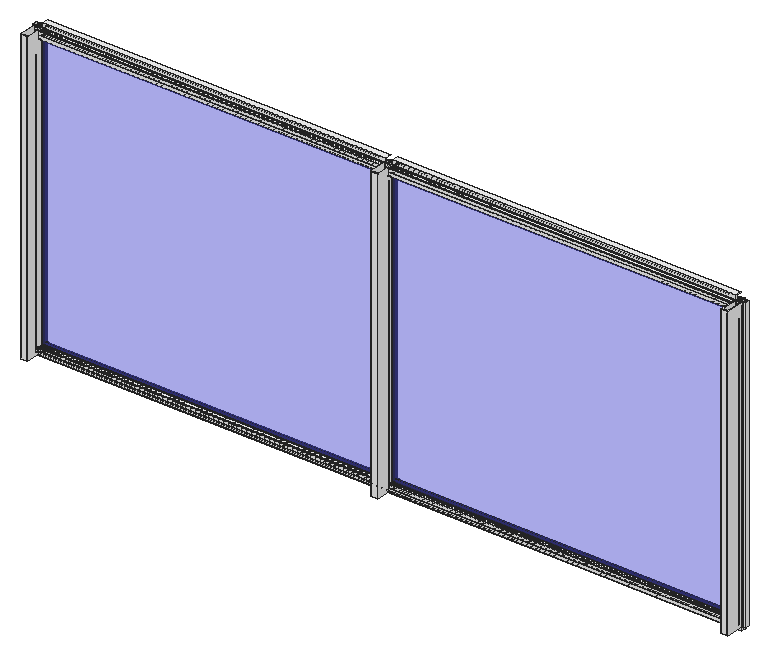
Revit family "Facade_60_Curtain_Wall_E21_Standard", category Windows, host Wall, Revit 2014 (continued)
Definition of nested family "F60 Vertical Profile Side_E21_Std"
  Automatic sketch dimensions
    Extrusion 9 sketch curve to Extrusion 9 sketch curve = 0.002 mm
    Extrusion 9 sketch curve to Extrusion 9 sketch curve = 0.004 mm
    Extrusion 9 sketch curve to Extrusion 9 sketch curve = 0.708 mm
    Extrusion 9 sketch curve to plane 1 "Center (Front/Back)" = 1.946 mm
    Extrusion 9 sketch curve to Extrusion 9 sketch curve = 0.899 mm
    Extrusion 9 sketch curve to Extrusion 9 sketch curve = 0.444 mm
    Extrusion 9 sketch curve to Extrusion 9 sketch curve = 3.038 mm
    Extrusion 9 sketch curve to plane 1 "Center (Front/Back)" = 0.385 mm  (x2)
    Extrusion 9 sketch curve to Extrusion 9 sketch curve = 0.756 mm
    Extrusion 9 sketch curve to Extrusion 9 sketch curve = 2.153 mm
    Extrusion 9 sketch curve to Extrusion 9 sketch curve = 0.631 mm
    Extrusion 9 sketch curve to Extrusion 9 sketch curve = 0.807 mm
    Extrusion 9 sketch curve to Extrusion 9 sketch curve = 1.646 mm
    Extrusion 9 sketch curve to Extrusion 9 sketch curve = 0.707 mm
    Extrusion 9 sketch curve to Extrusion 9 sketch curve = 1.393 mm
    Extrusion 9 sketch curve to Extrusion 9 sketch curve = 1.923 mm
    Extrusion 9 sketch curve to Extrusion 9 sketch curve = 11.937 mm
    Extrusion 9 sketch curve to Extrusion 9 sketch curve = 1.6 mm
    Extrusion 9 sketch curve to Extrusion 9 sketch curve = 0.9 mm  (x2)
    Extrusion 9 sketch curve to Extrusion 9 sketch curve = 1.356 mm  (x2)
    Extrusion 9 sketch curve to Extrusion 9 sketch curve = 0.714 mm
    Extrusion 9 sketch curve to Extrusion 9 sketch curve = 0.02 mm
    Extrusion 9 sketch curve to Extrusion 9 sketch curve = 0.399 mm
    Extrusion 9 sketch curve to Extrusion 9 sketch curve = 2.224 mm
    Extrusion 9 sketch curve to Extrusion 9 sketch curve = 0.448 mm
    Extrusion 9 sketch curve to plane 1 "Center (Front/Back)" = 0.198 mm
    Extrusion 9 sketch curve to plane 1 "Center (Front/Back)" = 0.201 mm
    Extrusion 9 sketch curve to Extrusion 9 sketch curve = 0.032 mm
    Extrusion 9 sketch curve to Extrusion 9 sketch curve = 0 mm
    plane 3 "Center (Left/Right)" to Extrusion 10 sketch curve = 1.014 mm
    Extrusion 10 sketch curve to Extrusion 10 sketch curve = 0.469 mm  (x2)
    plane 3 "Center (Left/Right)" to Extrusion 10 sketch curve = 1.706 mm
    Extrusion 10 sketch curve to Extrusion 10 sketch curve = 1.079 mm
    Extrusion 10 sketch curve to Extrusion 10 sketch curve = 0.864 mm
    Extrusion 10 sketch curve to Extrusion 10 sketch curve = 1.15 mm  (x4)
    Extrusion 10 sketch curve to Extrusion 10 sketch curve = 3.2 mm  (x2)
    Extrusion 10 sketch curve to Extrusion 10 sketch curve = 3.031 mm  (x2)
    Extrusion 10 sketch curve to Extrusion 10 sketch curve = 0.6 mm  (x3)
    Extrusion 10 sketch curve to Extrusion 10 sketch curve = 15.584 mm  (x2)
    Extrusion 10 sketch curve to Extrusion 10 sketch curve = 0.808 mm  (x2)
    Extrusion 10 sketch curve to Extrusion 10 sketch curve = 3.038 mm
    Extrusion 10 sketch curve to Extrusion 10 sketch curve = 0.865 mm
    Extrusion 10 sketch curve to Extrusion 10 sketch curve = 1.25 mm  (x5)
    Extrusion 10 sketch curve to Extrusion 10 sketch curve = 0.61 mm
    plane 1 "Center (Front/Back)" to Extrusion 10 sketch curve = 31.288 mm
    Extrusion 10 sketch curve to Extrusion 10 sketch curve = 0.362 mm
    plane 1 "Center (Front/Back)" to Extrusion 10 sketch curve = 31.65 mm
    Extrusion 10 sketch curve to Extrusion 10 sketch curve = 0.962 mm
    Extrusion 10 sketch curve to Extrusion 10 sketch curve = 0.85 mm
    Extrusion 10 sketch curve to Extrusion 10 sketch curve = 0.512 mm  (x2)
    Extrusion 10 sketch curve to Extrusion 10 sketch curve = 0.4 mm  (x2)
    Extrusion 10 sketch curve to Extrusion 10 sketch curve = 1 mm
    Extrusion 10 sketch curve to Extrusion 10 sketch curve = 2.8 mm
    Extrusion 10 sketch curve to Extrusion 10 sketch curve = 0 mm  (x2)
    Extrusion 10 sketch curve to Extrusion 10 sketch curve = 1.4 mm
    Extrusion 10 sketch curve to Extrusion 10 sketch curve = 0.539 mm  (x2)
    plane 1 "Center (Front/Back)" to Extrusion 10 sketch curve = 28.864 mm
    Extrusion 11 sketch curve to plane 3 "Center (Left/Right)" = 0 mm
    plane 3 "Center (Left/Right)" to Extrusion 11 sketch curve = 0.65 mm
    Extrusion 11 sketch curve to Extrusion 11 sketch curve = 0.128 mm  (x2)
    plane 3 "Center (Left/Right)" to Extrusion 11 sketch curve = 1.014 mm
    plane 3 "Center (Left/Right)" to Extrusion 11 sketch curve = 1.05 mm
    Extrusion 11 sketch curve to Extrusion 11 sketch curve = 0.469 mm  (x2)
    Extrusion 11 sketch curve to Extrusion 11 sketch curve = 1.079 mm
    Extrusion 11 sketch curve to Extrusion 11 sketch curve = 1.317 mm  (x2)
    Extrusion 11 sketch curve to Extrusion 11 sketch curve = 0 mm  (x3)
    plane 3 "Center (Left/Right)" to Extrusion 11 sketch curve = 3.85 mm
    Extrusion 11 sketch curve to Extrusion 11 sketch curve = 0.15 mm  (x2)
    Extrusion 11 sketch curve to Extrusion 11 sketch curve = 26 mm  (x2)
    Extrusion 11 sketch curve to Extrusion 11 sketch curve = 1.05 mm
    Extrusion 11 sketch curve to Extrusion 11 sketch curve = 0.707 mm
    Extrusion 11 sketch curve to Extrusion 11 sketch curve = 0.433 mm
    plane 1 "Center (Front/Back)" to Extrusion 11 sketch curve = 31.288 mm
    plane 1 "Center (Front/Back)" to Extrusion 11 sketch curve = 28.065 mm
    Extrusion 11 sketch curve to Extrusion 11 sketch curve = 1.314 mm
    Extrusion 11 sketch curve to Extrusion 11 sketch curve = 0.65 mm
    Extrusion 11 sketch curve to Extrusion 11 sketch curve = 0.5 mm  (x2)
    plane 1 "Center (Front/Back)" to Extrusion 11 sketch curve = 32.75 mm
    Extrusion 11 sketch curve to Extrusion 11 sketch curve = 0.1 mm  (x3)
    Extrusion 11 sketch curve to Extrusion 11 sketch curve = 1.1 mm  (x2)
    Extrusion 11 sketch curve to Extrusion 11 sketch curve = 8.608 mm
    Extrusion 11 sketch curve to Extrusion 11 sketch curve = 0.962 mm
    Extrusion 12 sketch curve to plane 3 "Center (Left/Right)" = 21.349 mm
    Extrusion 12 sketch curve to Extrusion 12 sketch curve = 6.35 mm
    plane 3 "Center (Left/Right)" to Extrusion 12 sketch curve = 10.403 mm
    plane 1 "Center (Front/Back)" to Extrusion 12 sketch curve = 35.567 mm
    plane 1 "Center (Front/Back)" to Extrusion 12 sketch curve = 10.171 mm
    plane 1 "Center (Front/Back)" to Extrusion 12 sketch curve = 3.821 mm
    Extrusion 13 sketch curve to plane 3 "Center (Left/Right)" = 21.35 mm
    Extrusion 13 sketch curve to Extrusion 13 sketch curve = 6.35 mm
    plane 3 "Center (Left/Right)" to Extrusion 13 sketch curve = 10.402 mm
    plane 1 "Center (Front/Back)" to Extrusion 13 sketch curve = 33.172 mm
    plane 1 "Center (Front/Back)" to Extrusion 13 sketch curve = 7.775 mm
    plane 1 "Center (Front/Back)" to Extrusion 13 sketch curve = 1.425 mm
    Extrusion 14 sketch curve to plane 3 "Center (Left/Right)" = 0 mm
    plane 3 "Center (Left/Right)" to Extrusion 14 sketch curve = 1.2 mm
    Extrusion 14 sketch curve to Extrusion 14 sketch curve = 9.6 mm
    Extrusion 14 sketch curve to Extrusion 14 sketch curve = 1.2 mm  (x3)
    plane 1 "Center (Front/Back)" to Extrusion 14 sketch curve = 25.775 mm
    plane 1 "Center (Front/Back)" to Extrusion 14 sketch curve = 8.975 mm
    curve 4 to Extrusion 6 = 0 mm
    curve 3 to Extrusion 6 = 0 mm
    curve 1 to Extrusion 6 = 0 mm
    curve 4 to Extrusion 6 = 3.6 mm
    curve 3 to Extrusion 6 = 3.6 mm
    curve 1 to Extrusion 6 = 3.6 mm
    Extrusion 6 to curve 2 = 1 mm
    Extrusion 6 to curve 5 = 1 mm
    Extrusion 6 to curve 6 = 1 mm
    curve 6 to Extrusion 6 = 1 mm
    curve 5 to Extrusion 6 = 1 mm
    curve 2 to Extrusion 6 = 1 mm
    curve 9 to Extrusion 6 = 0 mm
    curve 8 to Extrusion 6 = 0 mm
    curve 7 to Extrusion 6 = 0 mm
    Extrusion 6 to curve 8 = 3.6 mm
    Extrusion 6 to curve 9 = 3.6 mm
    Extrusion 6 to curve 7 = 3.6 mm
    curve 12 to Extrusion 5 = 25.894 mm
    curve 11 to Extrusion 5 = 25.894 mm
    curve 10 to Extrusion 5 = 25.894 mm
    curve 10 to Extrusion 5 = 0.108 mm
    Extrusion 5 to curve 12 = 0.703 mm
    Extrusion 5 to curve 11 = 0.703 mm
    curve 13 to Extrusion 5 = 4 mm
    curve 14 to Extrusion 5 = 4 mm
    curve 15 to Extrusion 5 = 4 mm
    Extrusion 5 to curve 15 = 0.702 mm
    Extrusion 5 to curve 14 = 0.702 mm
    Extrusion 5 to curve 13 = 0.702 mm
    curve 18 to Extrusion 7 = 0 mm
    curve 17 to Extrusion 7 = 0 mm
    curve 16 to Extrusion 7 = 0 mm
    Extrusion 7 to curve 17 = 3.6 mm
    Extrusion 7 to curve 18 = 3.6 mm
    Extrusion 7 to curve 16 = 3.6 mm
    Extrusion 7 to curve 21 = 1 mm  (x2)
    Extrusion 7 to curve 20 = 1 mm  (x2)
    Extrusion 7 to curve 19 = 1 mm  (x2)
    curve 24 to Extrusion 7 = 0 mm
    curve 23 to Extrusion 7 = 0 mm
    curve 22 to Extrusion 7 = 0 mm
    curve 24 to Extrusion 7 = 3.6 mm
    curve 23 to Extrusion 7 = 3.6 mm
    curve 22 to Extrusion 7 = 3.6 mm
    curve 27 to Extrusion 8 = 0 mm
    curve 26 to Extrusion 8 = 0 mm
    curve 25 to Extrusion 8 = 0 mm
    Extrusion 8 to curve 26 = 3.6 mm
    Extrusion 8 to curve 27 = 3.6 mm
    Extrusion 8 to curve 25 = 3.6 mm
    Extrusion 8 to curve 30 = 0.221 mm
    Extrusion 8 to curve 29 = 0.221 mm
    Extrusion 8 to curve 28 = 0.221 mm
    curve 29 to Extrusion 8 = 0.222 mm
    curve 30 to Extrusion 8 = 0.222 mm
    curve 28 to Extrusion 8 = 0.222 mm
    curve 33 to Extrusion 8 = 0 mm
    curve 32 to Extrusion 8 = 0 mm
    curve 31 to Extrusion 8 = 0 mm
    curve 33 to Extrusion 8 = 3.6 mm
    curve 32 to Extrusion 8 = 3.6 mm
    curve 31 to Extrusion 8 = 3.6 mm
    curve 34 to Extrusion 11 = 4.016 mm
    curve 35 to Extrusion 11 = 4.016 mm
    curve 36 to Extrusion 11 = 3.97 mm
    Extrusion 11 to curve 36 = 0.637 mm
    Extrusion 11 to curve 35 = 0.637 mm
    Extrusion 11 to curve 34 = 0.637 mm
    curve 37 to Extrusion 11 = 29.221 mm
    curve 38 to Extrusion 11 = 29.221 mm
    curve 39 to Extrusion 11 = 29.221 mm
    Extrusion 11 to curve 39 = 3.222 mm
    Extrusion 11 to curve 38 = 3.222 mm
    Extrusion 11 to curve 37 = 3.222 mm
Definition of nested family "F60 Horizontal Profile Top_E21_Std"
  Parameters (values of type "F60 Horizontal Profile Top")
    Thermal Break Material [instance] = none
    Single Glazing [instance] = yes
    Profile Material [instance] = none
    Length [instance] = 250 mm
    Double Glazing [instance] = yes
  Reference planes
    plane 1 "Center (Front/Back)": y = 0
    plane 2: z = 0
    plane 3 "Center (Left/Right)": x = 0
  Forms (mm)
    Extrusion 1, solid, material <- "Profile Material"
      sketch origin (0, 0, 0) x (0, 1, 0) y (0, 0, 1)
        loop
          line (-9.94, 7.845) -> (-8.37, 6.275) -> (-1.2, 10.415) -> (-1.2, 1.2) -> (-5, 1.2) -> (-5, 0) -> (-1, 0)
          arc (-1, 0) -> (-0.293, 0.293) -> (0, 1) r 1
          line (0, 1) -> (0, 30) -> (0, 59)
          arc (0, 59) -> (-0.293, 59.707) -> (-1, 60) r 1
          line (-1, 60) -> (-5, 60) -> (-5, 58.8) -> (-1.2, 58.8) -> (-1.2, 49.585) -> (-8.37, 53.725) -> (-9.94, 52.155)
          arc (-9.94, 52.155) -> (-9.902, 51.269) -> (-9.016, 51.232) r 0.655
          line (-9.016, 51.232) -> (-8.077, 52.17) -> (-1.2, 48.2) -> (-1.2, 30) -> (-1.2, 11.8) -> (-8.077, 7.83) -> (-9.016, 8.768)
          arc (-9.016, 8.768) -> (-9.902, 8.731) -> (-9.94, 7.845) r 0.655
      from 0 to 250 <- "Length"
    Extrusion 2, solid, material <- "Profile Material"
      sketch origin (0, 0, 0) x (0, 1, 0) y (0, 0, 1)
        loop
          line (-5, 60) -> (-44.6, 60) -> (-44.6, 58.35) -> (-39.944, 58.35) -> (-39.944, 1.65) -> (-44.6, 1.65) -> (-44.6, 0) -> (-5, 0) -> (-5, 2.2) -> (-4.2, 2.2) -> (-4.2, 3.018)
          arc (-4.2, 3.018) -> (-4.352, 3.783) -> (-4.786, 4.432) r 2
          line (-4.786, 4.432) -> (-7.054, 6.7) -> (-8, 6.489) -> (-8, 5.7) -> (-7.205, 5.7) -> (-7.205, 2.95) -> (-8, 2.95) -> (-8, 1.95) -> (-12.752, 1.95) -> (-12.752, 6.7) -> (-14.152, 6.7) -> (-14.152, 1.65) -> (-38.65, 1.65) -> (-38.65, 8.33) -> (-37.097, 8.33) -> (-34.666, 6.973)
          arc (-34.666, 6.973) -> (-33.846, 7.192) -> (-34.066, 8.012) r 0.6
          line (-34.066, 8.012) -> (-37.128, 9.78) -> (-38.65, 9.78) -> (-38.65, 12.65) -> (-37.6, 13.7) -> (-37.6, 20.3) -> (-38.65, 21.35) -> (-38.65, 38.65) -> (-37.6, 39.7) -> (-37.6, 46.3) -> (-38.65, 47.35) -> (-38.65, 50.22) -> (-37.128, 50.22) -> (-34.066, 51.988)
          arc (-34.066, 51.988) -> (-33.846, 52.808) -> (-34.666, 53.027) r 0.6
          line (-34.666, 53.027) -> (-37.032, 51.661) -> (-38.65, 51.661) -> (-38.65, 58.35) -> (-14.152, 58.35) -> (-14.152, 53.3) -> (-12.752, 53.3) -> (-12.752, 58.05) -> (-8, 58.05) -> (-8, 57.05) -> (-7.205, 57.05) -> (-7.205, 54.3) -> (-8, 54.3) -> (-8, 53.511) -> (-7.054, 53.3) -> (-4.786, 55.568)
          arc (-4.786, 55.568) -> (-4.352, 56.217) -> (-4.2, 56.982) r 2
          line (-4.2, 56.982) -> (-4.2, 57.8) -> (-5, 57.8) -> (-5, 60)
      from 0 to 250 <- "Length"
    Extrusion 3, solid, material <- "Thermal Break Material"
      sketch origin (0, 0, 0) x (0, 1, 0) y (0, 0, 1)
        loop
          line (-40, 1.75) -> (-40, 30) -> (-40, 58.25) -> (-44.6, 58.25) -> (-44.6, 60) -> (-45.9, 60) -> (-45.9, 53.65) -> (-41.788, 53.65)
          arc (-41.788, 53.65) -> (-41.363, 53.474) -> (-41.187, 53.05) r 0.6
          line (-41.187, 53.05) -> (-41.187, 30) -> (-41.187, 6.95)
          arc (-41.187, 6.95) -> (-41.363, 6.526) -> (-41.788, 6.35) r 0.6
          line (-41.788, 6.35) -> (-45.9, 6.35) -> (-45.9, 0) -> (-44.6, 0) -> (-44.6, 1.75) -> (-40, 1.75)
      from 0 to 250 <- "Length"
    Extrusion 4, solid, material <- "Profile Material"
      sketch origin (0, 0, 0) x (0, 1, 0) y (0, 0, 1)
        loop
          line (-58.5, 25.249) -> (-43.6, 25.249)
          arc (-43.6, 25.249) -> (-43.034, 25.015) -> (-42.8, 24.449) r 0.8
          line (-42.8, 24.449) -> (-42.8, 7.9) -> (-44.4, 7.9) -> (-44.4, 9.45) -> (-45.25, 9.45)
          arc (-45.25, 9.45) -> (-45.674, 9.274) -> (-45.85, 8.85) r 0.6
          line (-45.85, 8.85) -> (-45.85, 7.9) -> (-48.8, 7.9)
          arc (-48.8, 7.9) -> (-49.3, 8.4) -> (-49.8, 7.9) r 0.5
          line (-49.8, 7.9) -> (-49.8, 5.55) -> (-48.65, 5.55) -> (-48.65, 6.7) -> (-47.35, 6.7) -> (-47.35, 1.2) -> (-48.65, 1.2) -> (-48.65, 2.35) -> (-49.8, 2.35) -> (-49.8, 0.5)
          arc (-49.8, 0.5) -> (-49.654, 0.146) -> (-49.3, 0) r 0.5
          line (-49.3, 0) -> (-45.9, 0) -> (-45.9, 6.45) -> (-42.2, 6.45)
          arc (-42.2, 6.45) -> (-41.634, 6.684) -> (-41.4, 7.25) r 0.8
          line (-41.4, 7.25) -> (-41.4, 30) -> (-41.4, 52.75)
          arc (-41.4, 52.75) -> (-41.634, 53.316) -> (-42.2, 53.55) r 0.8
          line (-42.2, 53.55) -> (-45.9, 53.55) -> (-45.9, 60) -> (-49.3, 60)
          arc (-49.3, 60) -> (-49.654, 59.854) -> (-49.8, 59.5) r 0.5
          line (-49.8, 59.5) -> (-49.8, 57.65) -> (-48.65, 57.65) -> (-48.65, 58.8) -> (-47.35, 58.8) -> (-47.35, 53.3) -> (-48.65, 53.3) -> (-48.65, 54.45) -> (-49.8, 54.45) -> (-49.8, 52.1)
          arc (-49.8, 52.1) -> (-49.3, 51.6) -> (-48.8, 52.1) r 0.5
          line (-48.8, 52.1) -> (-45.85, 52.1) -> (-45.85, 51.15)
          arc (-45.85, 51.15) -> (-45.674, 50.726) -> (-45.25, 50.55) r 0.6
          line (-45.25, 50.55) -> (-44.4, 50.55) -> (-44.4, 52.1) -> (-42.8, 52.1) -> (-42.8, 35.551)
          arc (-42.8, 35.551) -> (-43.034, 34.985) -> (-43.6, 34.751) r 0.8
          line (-43.6, 34.751) -> (-58.5, 34.751)
          arc (-58.5, 34.751) -> (-59.066, 34.516) -> (-59.3, 33.951) r 0.8
          line (-59.3, 33.951) -> (-59.3, 32.902) -> (-42.8, 32.902) -> (-42.8, 27.1) -> (-59.3, 27.1) -> (-59.3, 26.049)
          arc (-59.3, 26.049) -> (-59.066, 25.484) -> (-58.5, 25.249) r 0.8
      from 0 to 250 <- "Length"
    Extrusion 5, solid, material <- "Thermal Break Material", visible <- "Single Glazing"
      sketch origin (0, 0, 0) x (0, 1, 0) y (0, 0, 1)
        loop
          arc (-63.8, 25.751) -> (-63.654, 25.397) -> (-63.3, 25.251) r 0.5
          line (-63.3, 25.251) -> (-59.8, 25.251)
          arc (-59.8, 25.251) -> (-59.446, 25.397) -> (-59.3, 25.751) r 0.5
          line (-59.3, 25.751) -> (-59.3, 27.648) -> (-49.599, 27.648) -> (-47.528, 28.651)
          arc (-47.528, 28.651) -> (-46.803, 30.001) -> (-47.528, 31.351) r 1.62
          line (-47.528, 31.351) -> (-49.599, 32.353) -> (-59.3, 32.353) -> (-59.3, 34.251)
          arc (-59.3, 34.251) -> (-59.446, 34.604) -> (-59.8, 34.751) r 0.5
          line (-59.8, 34.751) -> (-63.3, 34.751)
          arc (-63.3, 34.751) -> (-63.654, 34.604) -> (-63.8, 34.251) r 0.5
          line (-63.8, 34.251) -> (-63.8, 32.328) -> (-62.4, 31.52) -> (-62.4, 28.483) -> (-63.8, 27.673) -> (-63.8, 25.751)
        loop
          line (-59.794, 28.506) -> (-59.006, 29.294)
          arc (-59.006, 29.294) -> (-58.788, 29.618) -> (-58.713, 30.001) r 0.986
          arc (-58.713, 30.001) -> (-58.79, 30.384) -> (-59.008, 30.71) r 1.007
          line (-59.008, 30.71) -> (-59.794, 31.496) -> (-60.65, 31.496)
          arc (-60.65, 31.496) -> (-61.004, 31.349) -> (-61.15, 30.996) r 0.5
          line (-61.15, 30.996) -> (-61.15, 29.006)
          arc (-61.15, 29.006) -> (-61.004, 28.652) -> (-60.65, 28.506) r 0.5
          line (-60.65, 28.506) -> (-59.794, 28.506)
        loop
          line (-47.854, 30.898) -> (-49.415, 31.653) -> (-56.782, 31.653)
          arc (-56.782, 31.653) -> (-57.207, 31.417) -> (-57.23, 30.932) r 0.5
          arc (-57.23, 30.932) -> (-57.013, 30.001) -> (-57.23, 29.07) r 2.099
          arc (-57.23, 29.07) -> (-57.207, 28.584) -> (-56.782, 28.348) r 0.5
          line (-56.782, 28.348) -> (-49.415, 28.348) -> (-48.055, 29.007)
          arc (-48.055, 29.007) -> (-47.35, 29.888) -> (-47.854, 30.898) r 1.047
      from 0 to 250 <- "Length"
    Extrusion 6, solid, material <- "Profile Material", visible <- "Single Glazing"
      sketch origin (0, 0, 0) x (0, 1, 0) y (0, 0, 1)
        loop
          line (-63.8, 52.694) -> (-64.8, 52.694) -> (-64.8, 51.544) -> (-66.05, 51.544) -> (-66.05, 57.044) -> (-64.8, 57.044) -> (-64.8, 55.894) -> (-63.8, 55.894) -> (-63.8, 58.294)
          arc (-63.8, 58.294) -> (-64.082, 58.803) -> (-64.664, 58.835) r 0.6
          line (-64.664, 58.835) -> (-66.562, 57.91) -> (-67.088, 58.988) -> (-68.05, 58.519) -> (-68.05, 48.513)
          arc (-68.05, 48.513) -> (-67.874, 48.089) -> (-67.45, 47.913) r 0.6
          line (-67.45, 47.913) -> (-66.6, 47.913) -> (-66.6, 12.09) -> (-67.45, 12.09)
          arc (-67.45, 12.09) -> (-67.874, 11.914) -> (-68.05, 11.49) r 0.6
          line (-68.05, 11.49) -> (-68.05, 1.485) -> (-67.088, 1.016) -> (-66.562, 2.095) -> (-64.663, 1.169)
          arc (-64.663, 1.169) -> (-64.082, 1.2) -> (-63.8, 1.709) r 0.6
          line (-63.8, 1.709) -> (-63.8, 4.109) -> (-64.8, 4.109) -> (-64.8, 2.959) -> (-66.05, 2.959) -> (-66.05, 8.459) -> (-64.8, 8.459) -> (-64.8, 7.309) -> (-63.8, 7.309) -> (-63.8, 27.674) -> (-62.4, 28.483) -> (-62.4, 31.521) -> (-63.8, 32.329) -> (-63.8, 52.694)
      from 0 to 250 <- "Length"
    Extrusion 7, solid, material <- "Profile Material", visible <- "Single Glazing"
      sketch origin (0, 0, 0) x (0, 1, 0) y (0, 0, 1)
        loop
          line (-68.551, 3.3) -> (-76.559, 3.3) -> (-76.559, 30) -> (-76.559, 56.15)
          arc (-76.559, 56.15) -> (-75.739, 58.13) -> (-73.759, 58.95) r 2.8
          line (-73.759, 58.95) -> (-69.151, 58.95) -> (-69.151, 57.2)
          arc (-69.151, 57.2) -> (-68.987, 56.829) -> (-68.601, 56.703) r 0.5
          arc (-68.601, 56.703) -> (-68.216, 56.829) -> (-68.051, 57.2) r 0.5
          line (-68.051, 57.2) -> (-68.051, 58.517) -> (-67.089, 58.986) -> (-66.563, 57.907) -> (-63.866, 59.222)
          arc (-63.866, 59.222) -> (-64.001, 59.762) -> (-64.504, 60) r 0.65
          line (-64.504, 60) -> (-73.859, 60)
          arc (-73.859, 60) -> (-76.687, 58.828) -> (-77.859, 56) r 4
          line (-77.859, 56) -> (-77.859, 30) -> (-77.859, 2.493)
          arc (-77.859, 2.493) -> (-77.197, 0.799) -> (-75.562, 0.002) r 2.5
          arc (-75.562, 0.002) -> (-75.182, 0.132) -> (-75.021, 0.5) r 0.5
          line (-75.021, 0.5) -> (-75.021, 2) -> (-69.151, 2) -> (-69.151, 0.5)
          arc (-69.151, 0.5) -> (-69.005, 0.146) -> (-68.651, 0) r 0.5
          line (-68.651, 0) -> (-64.504, 0)
          arc (-64.504, 0) -> (-64.001, 0.238) -> (-63.866, 0.778) r 0.65
          line (-63.866, 0.778) -> (-66.563, 2.093) -> (-67.089, 1.014) -> (-68.051, 1.483) -> (-68.051, 2.8)
          arc (-68.051, 2.8) -> (-68.198, 3.154) -> (-68.551, 3.3) r 0.5
      from 0 to 250 <- "Length"
    Extrusion 8, solid, material <- "Thermal Break Material", visible <- "Double Glazing"
      sketch origin (0, 0, 0) x (0, 1, 0) y (0, 0, 1)
        loop
          line (-77.8, 27.673) -> (-77.8, 25.751)
          arc (-77.8, 25.751) -> (-77.654, 25.397) -> (-77.3, 25.251) r 0.5
          line (-77.3, 25.251) -> (-59.8, 25.251)
          arc (-59.8, 25.251) -> (-59.446, 25.397) -> (-59.3, 25.751) r 0.5
          line (-59.3, 25.751) -> (-59.3, 27.647) -> (-49.599, 27.647) -> (-47.528, 28.649)
          arc (-47.528, 28.649) -> (-46.803, 29.999) -> (-47.528, 31.349) r 1.62
          line (-47.528, 31.349) -> (-49.602, 32.353) -> (-59.3, 32.353) -> (-59.3, 34.251)
          arc (-59.3, 34.251) -> (-59.446, 34.604) -> (-59.8, 34.751) r 0.5
          line (-59.8, 34.751) -> (-77.3, 34.751)
          arc (-77.3, 34.751) -> (-77.654, 34.604) -> (-77.8, 34.251) r 0.5
          line (-77.8, 34.251) -> (-77.8, 32.327) -> (-76.4, 31.52) -> (-76.4, 28.482) -> (-77.8, 27.673)
        loop
          line (-59.006, 30.708) -> (-61.156, 32.858)
          arc (-61.156, 32.858) -> (-61.48, 33.074) -> (-61.863, 33.151) r 1
          line (-61.863, 33.151) -> (-73.8, 33.151)
          arc (-73.8, 33.151) -> (-74.507, 32.858) -> (-74.8, 32.151) r 1
          line (-74.8, 32.151) -> (-74.8, 27.851)
          arc (-74.8, 27.851) -> (-74.507, 27.144) -> (-73.8, 26.851) r 1
          line (-73.8, 26.851) -> (-61.863, 26.851)
          arc (-61.863, 26.851) -> (-61.48, 26.927) -> (-61.156, 27.144) r 1
          line (-61.156, 27.144) -> (-59.006, 29.294)
          arc (-59.006, 29.294) -> (-58.788, 29.618) -> (-58.713, 30.001) r 0.986
          arc (-58.713, 30.001) -> (-58.79, 30.383) -> (-59.006, 30.708) r 1.007
        loop
          line (-56.782, 28.347) -> (-49.415, 28.347) -> (-48.055, 29.005)
          arc (-48.055, 29.005) -> (-47.35, 29.887) -> (-47.854, 30.896) r 1.047
          line (-47.854, 30.896) -> (-49.415, 31.652) -> (-56.782, 31.652)
          arc (-56.782, 31.652) -> (-57.207, 31.416) -> (-57.23, 30.93) r 0.5
          arc (-57.23, 30.93) -> (-57.013, 29.999) -> (-57.23, 29.068) r 2.099
          arc (-57.23, 29.068) -> (-57.207, 28.583) -> (-56.782, 28.347) r 0.5
      from 0 to 250 <- "Length"
    Extrusion 9, solid, material <- "Profile Material", visible <- "Double Glazing"
      sketch origin (0, 0, 0) x (0, 1, 0) y (0, 0, 1)
        loop
          line (-77.8, 52.694) -> (-78.8, 52.694) -> (-78.8, 51.544) -> (-80.05, 51.544) -> (-80.05, 57.044) -> (-78.8, 57.044) -> (-78.8, 55.894) -> (-77.8, 55.894) -> (-77.8, 58.294)
          arc (-77.8, 58.294) -> (-78.082, 58.802) -> (-78.664, 58.834) r 0.6
          line (-78.664, 58.834) -> (-80.562, 57.909) -> (-81.088, 58.988) -> (-82.05, 58.518) -> (-82.05, 48.512)
          arc (-82.05, 48.512) -> (-81.874, 48.088) -> (-81.45, 47.912) r 0.6
          line (-81.45, 47.912) -> (-80.6, 47.912) -> (-80.6, 12.089) -> (-81.45, 12.089)
          arc (-81.45, 12.089) -> (-81.874, 11.913) -> (-82.05, 11.489) r 0.6
          line (-82.05, 11.489) -> (-82.05, 1.484) -> (-81.088, 1.015) -> (-80.562, 2.094) -> (-78.663, 1.169)
          arc (-78.663, 1.169) -> (-78.082, 1.199) -> (-77.8, 1.708) r 0.6
          line (-77.8, 1.708) -> (-77.8, 4.108) -> (-78.8, 4.108) -> (-78.8, 2.958) -> (-80.05, 2.958) -> (-80.05, 8.458) -> (-78.8, 8.458) -> (-78.8, 7.308) -> (-77.8, 7.308) -> (-77.8, 27.673) -> (-76.4, 28.482) -> (-76.4, 31.52) -> (-77.8, 32.328) -> (-77.8, 52.694)
      from 0 to 250 <- "Length"
    Extrusion 10, solid, material <- "Profile Material", visible <- "Double Glazing"
      sketch origin (0, 0, 0) x (0, 1, 0) y (0, 0, 1)
        loop
          line (-82.551, 3.3) -> (-90.558, 3.3) -> (-90.558, 30) -> (-90.558, 56.15)
          arc (-90.558, 56.15) -> (-89.738, 58.13) -> (-87.758, 58.95) r 2.8
          line (-87.758, 58.95) -> (-83.151, 58.95) -> (-83.151, 57.2)
          arc (-83.151, 57.2) -> (-82.986, 56.829) -> (-82.601, 56.703) r 0.5
          arc (-82.601, 56.703) -> (-82.215, 56.829) -> (-82.051, 57.2) r 0.5
          line (-82.051, 57.2) -> (-82.051, 58.517) -> (-81.088, 58.986) -> (-80.563, 57.907) -> (-77.866, 59.222)
          arc (-77.866, 59.222) -> (-78, 59.762) -> (-78.503, 60) r 0.65
          line (-78.503, 60) -> (-87.858, 60)
          arc (-87.858, 60) -> (-90.687, 58.828) -> (-91.858, 56) r 4
          line (-91.858, 56) -> (-91.858, 30) -> (-91.858, 2.493)
          arc (-91.858, 2.493) -> (-91.196, 0.799) -> (-89.561, 0.002) r 2.5
          arc (-89.561, 0.002) -> (-89.182, 0.132) -> (-89.021, 0.5) r 0.5
          line (-89.021, 0.5) -> (-89.021, 2) -> (-83.151, 2) -> (-83.151, 0.5)
          arc (-83.151, 0.5) -> (-83.004, 0.146) -> (-82.651, 0) r 0.5
          line (-82.651, 0) -> (-78.503, 0)
          arc (-78.503, 0) -> (-78, 0.238) -> (-77.866, 0.778) r 0.65
          line (-77.866, 0.778) -> (-80.563, 2.093) -> (-81.088, 1.014) -> (-82.051, 1.483) -> (-82.051, 2.8)
          arc (-82.051, 2.8) -> (-82.197, 3.154) -> (-82.551, 3.3) r 0.5
      from 0 to 250 <- "Length"
    Extrusion 11, solid, material <- "Profile Material", visible <- "Double Glazing"
      sketch origin (0, 0, 0) x (0, 1, 0) y (0, 0, 1)
        loop
          line (-57.8, 45.73) -> (-51.8, 45.73) -> (-51.8, 95.73) -> (-101.8, 95.73) -> (-101.8, 89.73) -> (-57.8, 89.73) -> (-57.8, 45.73)
      from 0 to 250 <- "Length"
    Extrusion 12, solid, material <- "Profile Material", visible <- "Double Glazing"
      sketch origin (0, 0, 0) x (0, 1, 0) y (0, 0, 1)
        loop
          line (-75.8, 48) -> (-57.8, 48) -> (-57.8, 60) -> (-75.8, 60) -> (-75.8, 48)
        loop
          line (-74.6, 49.2) -> (-59, 49.2) -> (-59, 58.8) -> (-74.6, 58.8) -> (-74.6, 49.2)
      from 0 to 250 <- "Length"
    Extrusion 13, solid, material <- "Profile Material", visible <- "Single Glazing"
      sketch origin (0, 0, 0) x (0, 1, 0) y (0, 0, 1)
        loop
          line (-59.8, 45.865) -> (-53.8, 45.865) -> (-53.8, 95.865) -> (-103.8, 95.865) -> (-103.8, 89.865) -> (-59.8, 89.865) -> (-59.8, 45.865)
      from 0 to 250 <- "Length"
  Dimensions and locks
    aligned and locked: level to plane 2
Definition of nested family "F60 Sill_E21_Std"
  Parameters (values of type "F60 Sill")
    Profile Material [instance] = none
    Length Sill [instance] = 250 mm
  Reference planes
    plane 1 "Center (Front/Back)": y = 0
    plane 2: z = 0
    plane 3 "Center (Left/Right)": x = 0
  Forms (mm)
    Extrusion 1, solid, material <- "Profile Material"
      sketch origin (0, 0, 0) x (0, 1, 0) y (0, 0, 1)
        loop
          line (-42.734, 5.324) -> (-48.256, 4.643)
          arc (-48.256, 4.643) -> (-49.196, 4.147) -> (-49.572, 3.154) r 1.5
          line (-49.572, 3.154) -> (-49.572, 1.88) -> (-47.772, 1.88) -> (-47.772, 3.191) -> (-19.233, 6.714)
          arc (-19.233, 6.714) -> (-17.924, 7.083) -> (-16.785, 7.826) r 4.5
          line (-16.785, 7.826) -> (-16.785, 1.88) -> (-15.285, 1.88) -> (-15.285, 24.58)
          arc (-15.285, 24.58) -> (-15.109, 25.004) -> (-14.685, 25.18) r 0.6
          line (-14.685, 25.18) -> (-4.072, 25.18) -> (-4.072, 1.88) -> (-2.572, 1.88) -> (-2.572, 29.88) -> (-4.072, 29.88) -> (-4.072, 28.88) -> (-5.222, 28.88) -> (-5.222, 27.68) -> (-4.072, 27.68) -> (-4.072, 26.38) -> (-9.572, 26.38) -> (-9.572, 27.68) -> (-8.422, 27.68) -> (-8.422, 28.88) -> (-10.172, 28.88)
          arc (-10.172, 28.88) -> (-10.597, 28.704) -> (-10.772, 28.28) r 0.6
          line (-10.772, 28.28) -> (-10.772, 26.38) -> (-15.285, 26.38)
          arc (-15.285, 26.38) -> (-16.345, 25.941) -> (-16.785, 24.88) r 1.5
          line (-16.785, 24.88) -> (-16.785, 11.18)
          arc (-16.785, 11.18) -> (-17.537, 9.193) -> (-19.417, 8.203) r 3
          line (-19.417, 8.203) -> (-39.35, 5.742)
          arc (-39.35, 5.742) -> (-40.527, 6.107) -> (-41.034, 7.231) r 1.5
          line (-41.034, 7.231) -> (-41.034, 19.996)
          arc (-41.034, 19.996) -> (-40.883, 20.394) -> (-40.507, 20.592) r 0.6
          line (-40.507, 20.592) -> (-32.917, 21.529)
          arc (-32.917, 21.529) -> (-31.977, 22.024) -> (-31.601, 23.017) r 1.5
          line (-31.601, 23.017) -> (-31.601, 28.88) -> (-33.101, 28.88) -> (-33.101, 23.548)
          arc (-33.101, 23.548) -> (-33.251, 23.15) -> (-33.627, 22.952) r 0.6
          line (-33.627, 22.952) -> (-45.787, 21.451)
          arc (-45.787, 21.451) -> (-46.727, 20.956) -> (-47.104, 19.962) r 1.5
          line (-47.104, 19.962) -> (-47.104, 19.054)
          arc (-47.104, 19.054) -> (-46.957, 18.7) -> (-46.604, 18.554) r 0.5
          line (-46.604, 18.554) -> (-45.604, 18.554) -> (-45.604, 19.962) -> (-42.734, 20.317) -> (-42.734, 5.324)
      from 0 to 250 <- "Length Sill"
  Dimensions and locks
    aligned and locked: level to plane 2
Definition of nested family "F60 Horizontal Profile Bottom_E21_Std"
  Parameters (values of type "F60 Horizontal Profile Bottom")
    Thermal Break Material [instance] = none
    Single Glazing [instance] = yes
    Profile Material [instance] = none
    Length [instance] = 250 mm
    Double Glazing [instance] = yes
  Reference planes
    plane 1 "Center (Front/Back)": y = 0
    plane 2: z = 0
    plane 3 "Center (Left/Right)": x = 0
  Forms (mm)
    Extrusion 1, solid, material <- "Profile Material"
      sketch origin (0, 0, 0) x (0, 1, 0) y (0, 0, 1)
        loop
          line (-9.94, 7.845) -> (-8.37, 6.275) -> (-1.2, 10.415) -> (-1.2, 1.2) -> (-5, 1.2) -> (-5, 0) -> (-1, 0)
          arc (-1, 0) -> (-0.293, 0.293) -> (0, 1) r 1
          line (0, 1) -> (0, 30) -> (0, 59)
          arc (0, 59) -> (-0.293, 59.707) -> (-1, 60) r 1
          line (-1, 60) -> (-5, 60) -> (-5, 58.8) -> (-1.2, 58.8) -> (-1.2, 49.585) -> (-8.37, 53.725) -> (-9.94, 52.155)
          arc (-9.94, 52.155) -> (-9.902, 51.269) -> (-9.016, 51.232) r 0.655
          line (-9.016, 51.232) -> (-8.077, 52.17) -> (-1.2, 48.2) -> (-1.2, 30) -> (-1.2, 11.8) -> (-8.077, 7.83) -> (-9.016, 8.768)
          arc (-9.016, 8.768) -> (-9.902, 8.731) -> (-9.94, 7.845) r 0.655
      from 0 to 250 <- "Length"
    Extrusion 2, solid, material <- "Profile Material"
      sketch origin (0, 0, 0) x (0, 1, 0) y (0, 0, 1)
        loop
          line (-5, 60) -> (-44.6, 60) -> (-44.6, 58.35) -> (-39.944, 58.35) -> (-39.944, 1.65) -> (-44.6, 1.65) -> (-44.6, 0) -> (-5, 0) -> (-5, 2.2) -> (-4.2, 2.2) -> (-4.2, 3.018)
          arc (-4.2, 3.018) -> (-4.352, 3.783) -> (-4.786, 4.432) r 2
          line (-4.786, 4.432) -> (-7.054, 6.7) -> (-8, 6.489) -> (-8, 5.7) -> (-7.205, 5.7) -> (-7.205, 2.95) -> (-8, 2.95) -> (-8, 1.95) -> (-12.752, 1.95) -> (-12.752, 6.7) -> (-14.152, 6.7) -> (-14.152, 1.65) -> (-38.65, 1.65) -> (-38.65, 8.33) -> (-37.097, 8.33) -> (-34.666, 6.973)
          arc (-34.666, 6.973) -> (-33.846, 7.192) -> (-34.066, 8.012) r 0.6
          line (-34.066, 8.012) -> (-37.128, 9.78) -> (-38.65, 9.78) -> (-38.65, 12.65) -> (-37.6, 13.7) -> (-37.6, 20.3) -> (-38.65, 21.35) -> (-38.65, 38.65) -> (-37.6, 39.7) -> (-37.6, 46.3) -> (-38.65, 47.35) -> (-38.65, 50.22) -> (-37.128, 50.22) -> (-34.066, 51.988)
          arc (-34.066, 51.988) -> (-33.846, 52.808) -> (-34.666, 53.027) r 0.6
          line (-34.666, 53.027) -> (-37.032, 51.661) -> (-38.65, 51.661) -> (-38.65, 58.35) -> (-14.152, 58.35) -> (-14.152, 53.3) -> (-12.752, 53.3) -> (-12.752, 58.05) -> (-8, 58.05) -> (-8, 57.05) -> (-7.205, 57.05) -> (-7.205, 54.3) -> (-8, 54.3) -> (-8, 53.511) -> (-7.054, 53.3) -> (-4.786, 55.568)
          arc (-4.786, 55.568) -> (-4.352, 56.217) -> (-4.2, 56.982) r 2
          line (-4.2, 56.982) -> (-4.2, 57.8) -> (-5, 57.8) -> (-5, 60)
      from 0 to 250 <- "Length"
    Extrusion 3, solid, material <- "Thermal Break Material"
      sketch origin (0, 0, 0) x (0, 1, 0) y (0, 0, 1)
        loop
          line (-40, 1.75) -> (-40, 30) -> (-40, 58.25) -> (-44.6, 58.25) -> (-44.6, 60) -> (-45.9, 60) -> (-45.9, 53.65) -> (-41.788, 53.65)
          arc (-41.788, 53.65) -> (-41.363, 53.474) -> (-41.187, 53.05) r 0.6
          line (-41.187, 53.05) -> (-41.187, 30) -> (-41.187, 6.95)
          arc (-41.187, 6.95) -> (-41.363, 6.526) -> (-41.788, 6.35) r 0.6
          line (-41.788, 6.35) -> (-45.9, 6.35) -> (-45.9, 0) -> (-44.6, 0) -> (-44.6, 1.75) -> (-40, 1.75)
      from 0 to 250 <- "Length"
    Extrusion 4, solid, material <- "Profile Material"
      sketch origin (0, 0, 0) x (0, 1, 0) y (0, 0, 1)
        loop
          line (-58.5, 25.249) -> (-43.6, 25.249)
          arc (-43.6, 25.249) -> (-43.034, 25.015) -> (-42.8, 24.449) r 0.8
          line (-42.8, 24.449) -> (-42.8, 7.9) -> (-44.4, 7.9) -> (-44.4, 9.45) -> (-45.25, 9.45)
          arc (-45.25, 9.45) -> (-45.674, 9.274) -> (-45.85, 8.85) r 0.6
          line (-45.85, 8.85) -> (-45.85, 7.9) -> (-48.8, 7.9)
          arc (-48.8, 7.9) -> (-49.3, 8.4) -> (-49.8, 7.9) r 0.5
          line (-49.8, 7.9) -> (-49.8, 5.55) -> (-48.65, 5.55) -> (-48.65, 6.7) -> (-47.35, 6.7) -> (-47.35, 1.2) -> (-48.65, 1.2) -> (-48.65, 2.35) -> (-49.8, 2.35) -> (-49.8, 0.5)
          arc (-49.8, 0.5) -> (-49.654, 0.146) -> (-49.3, 0) r 0.5
          line (-49.3, 0) -> (-45.9, 0) -> (-45.9, 6.45) -> (-42.2, 6.45)
          arc (-42.2, 6.45) -> (-41.634, 6.684) -> (-41.4, 7.25) r 0.8
          line (-41.4, 7.25) -> (-41.4, 30) -> (-41.4, 52.75)
          arc (-41.4, 52.75) -> (-41.634, 53.316) -> (-42.2, 53.55) r 0.8
          line (-42.2, 53.55) -> (-45.9, 53.55) -> (-45.9, 60) -> (-49.3, 60)
          arc (-49.3, 60) -> (-49.654, 59.854) -> (-49.8, 59.5) r 0.5
          line (-49.8, 59.5) -> (-49.8, 57.65) -> (-48.65, 57.65) -> (-48.65, 58.8) -> (-47.35, 58.8) -> (-47.35, 53.3) -> (-48.65, 53.3) -> (-48.65, 54.45) -> (-49.8, 54.45) -> (-49.8, 52.1)
          arc (-49.8, 52.1) -> (-49.3, 51.6) -> (-48.8, 52.1) r 0.5
          line (-48.8, 52.1) -> (-45.85, 52.1) -> (-45.85, 51.15)
          arc (-45.85, 51.15) -> (-45.674, 50.726) -> (-45.25, 50.55) r 0.6
          line (-45.25, 50.55) -> (-44.4, 50.55) -> (-44.4, 52.1) -> (-42.8, 52.1) -> (-42.8, 35.551)
          arc (-42.8, 35.551) -> (-43.034, 34.985) -> (-43.6, 34.751) r 0.8
          line (-43.6, 34.751) -> (-58.5, 34.751)
          arc (-58.5, 34.751) -> (-59.066, 34.516) -> (-59.3, 33.951) r 0.8
          line (-59.3, 33.951) -> (-59.3, 32.902) -> (-42.8, 32.902) -> (-42.8, 27.1) -> (-59.3, 27.1) -> (-59.3, 26.049)
          arc (-59.3, 26.049) -> (-59.066, 25.484) -> (-58.5, 25.249) r 0.8
      from 0 to 250 <- "Length"
    Extrusion 5, solid, material <- "Thermal Break Material", visible <- "Single Glazing"
      sketch origin (0, 0, 0) x (0, 1, 0) y (0, 0, 1)
        loop
          arc (-63.8, 25.751) -> (-63.654, 25.397) -> (-63.3, 25.251) r 0.5
          line (-63.3, 25.251) -> (-59.8, 25.251)
          arc (-59.8, 25.251) -> (-59.446, 25.397) -> (-59.3, 25.751) r 0.5
          line (-59.3, 25.751) -> (-59.3, 27.648) -> (-49.599, 27.648) -> (-47.528, 28.651)
          arc (-47.528, 28.651) -> (-46.803, 30.001) -> (-47.528, 31.351) r 1.62
          line (-47.528, 31.351) -> (-49.599, 32.353) -> (-59.3, 32.353) -> (-59.3, 34.251)
          arc (-59.3, 34.251) -> (-59.446, 34.604) -> (-59.8, 34.751) r 0.5
          line (-59.8, 34.751) -> (-63.3, 34.751)
          arc (-63.3, 34.751) -> (-63.654, 34.604) -> (-63.8, 34.251) r 0.5
          line (-63.8, 34.251) -> (-63.8, 32.328) -> (-62.4, 31.52) -> (-62.4, 28.483) -> (-63.8, 27.673) -> (-63.8, 25.751)
        loop
          line (-59.794, 28.506) -> (-59.006, 29.294)
          arc (-59.006, 29.294) -> (-58.788, 29.618) -> (-58.713, 30.001) r 0.986
          arc (-58.713, 30.001) -> (-58.79, 30.384) -> (-59.008, 30.71) r 1.007
          line (-59.008, 30.71) -> (-59.794, 31.496) -> (-60.65, 31.496)
          arc (-60.65, 31.496) -> (-61.004, 31.349) -> (-61.15, 30.996) r 0.5
          line (-61.15, 30.996) -> (-61.15, 29.006)
          arc (-61.15, 29.006) -> (-61.004, 28.652) -> (-60.65, 28.506) r 0.5
          line (-60.65, 28.506) -> (-59.794, 28.506)
        loop
          line (-47.854, 30.898) -> (-49.415, 31.653) -> (-56.782, 31.653)
          arc (-56.782, 31.653) -> (-57.207, 31.417) -> (-57.23, 30.932) r 0.5
          arc (-57.23, 30.932) -> (-57.013, 30.001) -> (-57.23, 29.07) r 2.099
          arc (-57.23, 29.07) -> (-57.207, 28.584) -> (-56.782, 28.348) r 0.5
          line (-56.782, 28.348) -> (-49.415, 28.348) -> (-48.055, 29.007)
          arc (-48.055, 29.007) -> (-47.35, 29.888) -> (-47.854, 30.898) r 1.047
      from 0 to 250 <- "Length"
    Extrusion 6, solid, material <- "Profile Material", visible <- "Single Glazing"
      sketch origin (0, 0, 0) x (0, 1, 0) y (0, 0, 1)
        loop
          line (-63.8, 52.694) -> (-64.8, 52.694) -> (-64.8, 51.544) -> (-66.05, 51.544) -> (-66.05, 57.044) -> (-64.8, 57.044) -> (-64.8, 55.894) -> (-63.8, 55.894) -> (-63.8, 58.294)
          arc (-63.8, 58.294) -> (-64.082, 58.803) -> (-64.664, 58.835) r 0.6
          line (-64.664, 58.835) -> (-66.562, 57.91) -> (-67.088, 58.988) -> (-68.05, 58.519) -> (-68.05, 48.513)
          arc (-68.05, 48.513) -> (-67.874, 48.089) -> (-67.45, 47.913) r 0.6
          line (-67.45, 47.913) -> (-66.6, 47.913) -> (-66.6, 12.09) -> (-67.45, 12.09)
          arc (-67.45, 12.09) -> (-67.874, 11.914) -> (-68.05, 11.49) r 0.6
          line (-68.05, 11.49) -> (-68.05, 1.485) -> (-67.088, 1.016) -> (-66.562, 2.095) -> (-64.663, 1.169)
          arc (-64.663, 1.169) -> (-64.082, 1.2) -> (-63.8, 1.709) r 0.6
          line (-63.8, 1.709) -> (-63.8, 4.109) -> (-64.8, 4.109) -> (-64.8, 2.959) -> (-66.05, 2.959) -> (-66.05, 8.459) -> (-64.8, 8.459) -> (-64.8, 7.309) -> (-63.8, 7.309) -> (-63.8, 27.674) -> (-62.4, 28.483) -> (-62.4, 31.521) -> (-63.8, 32.329) -> (-63.8, 52.694)
      from 0 to 250 <- "Length"
    Extrusion 7, solid, material <- "Profile Material", visible <- "Single Glazing"
      sketch origin (0, 0, 0) x (0, 1, 0) y (0, 0, 1)
        loop
          line (-68.551, 3.3) -> (-76.559, 3.3) -> (-76.559, 30) -> (-76.559, 56.15)
          arc (-76.559, 56.15) -> (-75.739, 58.13) -> (-73.759, 58.95) r 2.8
          line (-73.759, 58.95) -> (-69.151, 58.95) -> (-69.151, 57.2)
          arc (-69.151, 57.2) -> (-68.987, 56.829) -> (-68.601, 56.703) r 0.5
          arc (-68.601, 56.703) -> (-68.216, 56.829) -> (-68.051, 57.2) r 0.5
          line (-68.051, 57.2) -> (-68.051, 58.517) -> (-67.089, 58.986) -> (-66.563, 57.907) -> (-63.866, 59.222)
          arc (-63.866, 59.222) -> (-64.001, 59.762) -> (-64.504, 60) r 0.65
          line (-64.504, 60) -> (-73.859, 60)
          arc (-73.859, 60) -> (-76.687, 58.828) -> (-77.859, 56) r 4
          line (-77.859, 56) -> (-77.859, 30) -> (-77.859, 2.493)
          arc (-77.859, 2.493) -> (-77.197, 0.799) -> (-75.562, 0.002) r 2.5
          arc (-75.562, 0.002) -> (-75.182, 0.132) -> (-75.021, 0.5) r 0.5
          line (-75.021, 0.5) -> (-75.021, 2) -> (-69.151, 2) -> (-69.151, 0.5)
          arc (-69.151, 0.5) -> (-69.005, 0.146) -> (-68.651, 0) r 0.5
          line (-68.651, 0) -> (-64.504, 0)
          arc (-64.504, 0) -> (-64.001, 0.238) -> (-63.866, 0.778) r 0.65
          line (-63.866, 0.778) -> (-66.563, 2.093) -> (-67.089, 1.014) -> (-68.051, 1.483) -> (-68.051, 2.8)
          arc (-68.051, 2.8) -> (-68.198, 3.154) -> (-68.551, 3.3) r 0.5
      from 0 to 250 <- "Length"
    Extrusion 8, solid, material <- "Thermal Break Material", visible <- "Double Glazing"
      sketch origin (0, 0, 0) x (0, 1, 0) y (0, 0, 1)
        loop
          line (-77.8, 27.673) -> (-77.8, 25.751)
          arc (-77.8, 25.751) -> (-77.654, 25.397) -> (-77.3, 25.251) r 0.5
          line (-77.3, 25.251) -> (-59.8, 25.251)
          arc (-59.8, 25.251) -> (-59.446, 25.397) -> (-59.3, 25.751) r 0.5
          line (-59.3, 25.751) -> (-59.3, 27.647) -> (-49.599, 27.647) -> (-47.528, 28.649)
          arc (-47.528, 28.649) -> (-46.803, 29.999) -> (-47.528, 31.349) r 1.62
          line (-47.528, 31.349) -> (-49.602, 32.353) -> (-59.3, 32.353) -> (-59.3, 34.251)
          arc (-59.3, 34.251) -> (-59.446, 34.604) -> (-59.8, 34.751) r 0.5
          line (-59.8, 34.751) -> (-77.3, 34.751)
          arc (-77.3, 34.751) -> (-77.654, 34.604) -> (-77.8, 34.251) r 0.5
          line (-77.8, 34.251) -> (-77.8, 32.327) -> (-76.4, 31.52) -> (-76.4, 28.482) -> (-77.8, 27.673)
        loop
          line (-59.006, 30.708) -> (-61.156, 32.858)
          arc (-61.156, 32.858) -> (-61.48, 33.074) -> (-61.863, 33.151) r 1
          line (-61.863, 33.151) -> (-73.8, 33.151)
          arc (-73.8, 33.151) -> (-74.507, 32.858) -> (-74.8, 32.151) r 1
          line (-74.8, 32.151) -> (-74.8, 27.851)
          arc (-74.8, 27.851) -> (-74.507, 27.144) -> (-73.8, 26.851) r 1
          line (-73.8, 26.851) -> (-61.863, 26.851)
          arc (-61.863, 26.851) -> (-61.48, 26.927) -> (-61.156, 27.144) r 1
          line (-61.156, 27.144) -> (-59.006, 29.294)
          arc (-59.006, 29.294) -> (-58.788, 29.618) -> (-58.713, 30.001) r 0.986
          arc (-58.713, 30.001) -> (-58.79, 30.383) -> (-59.006, 30.708) r 1.007
        loop
          line (-56.782, 28.347) -> (-49.415, 28.347) -> (-48.055, 29.005)
          arc (-48.055, 29.005) -> (-47.35, 29.887) -> (-47.854, 30.896) r 1.047
          line (-47.854, 30.896) -> (-49.415, 31.652) -> (-56.782, 31.652)
          arc (-56.782, 31.652) -> (-57.207, 31.416) -> (-57.23, 30.93) r 0.5
          arc (-57.23, 30.93) -> (-57.013, 29.999) -> (-57.23, 29.068) r 2.099
          arc (-57.23, 29.068) -> (-57.207, 28.583) -> (-56.782, 28.347) r 0.5
      from 0 to 250 <- "Length"
    Extrusion 9, solid, material <- "Profile Material", visible <- "Double Glazing"
      sketch origin (0, 0, 0) x (0, 1, 0) y (0, 0, 1)
        loop
          line (-77.8, 52.694) -> (-78.8, 52.694) -> (-78.8, 51.544) -> (-80.05, 51.544) -> (-80.05, 57.044) -> (-78.8, 57.044) -> (-78.8, 55.894) -> (-77.8, 55.894) -> (-77.8, 58.294)
          arc (-77.8, 58.294) -> (-78.082, 58.802) -> (-78.664, 58.834) r 0.6
          line (-78.664, 58.834) -> (-80.562, 57.909) -> (-81.088, 58.988) -> (-82.05, 58.518) -> (-82.05, 48.512)
          arc (-82.05, 48.512) -> (-81.874, 48.088) -> (-81.45, 47.912) r 0.6
          line (-81.45, 47.912) -> (-80.6, 47.912) -> (-80.6, 12.089) -> (-81.45, 12.089)
          arc (-81.45, 12.089) -> (-81.874, 11.913) -> (-82.05, 11.489) r 0.6
          line (-82.05, 11.489) -> (-82.05, 1.484) -> (-81.088, 1.015) -> (-80.562, 2.094) -> (-78.663, 1.169)
          arc (-78.663, 1.169) -> (-78.082, 1.199) -> (-77.8, 1.708) r 0.6
          line (-77.8, 1.708) -> (-77.8, 4.108) -> (-78.8, 4.108) -> (-78.8, 2.958) -> (-80.05, 2.958) -> (-80.05, 8.458) -> (-78.8, 8.458) -> (-78.8, 7.308) -> (-77.8, 7.308) -> (-77.8, 27.673) -> (-76.4, 28.482) -> (-76.4, 31.52) -> (-77.8, 32.328) -> (-77.8, 52.694)
      from 0 to 250 <- "Length"
    Extrusion 10, solid, material <- "Profile Material", visible <- "Double Glazing"
      sketch origin (0, 0, 0) x (0, 1, 0) y (0, 0, 1)
        loop
          line (-82.551, 3.3) -> (-90.558, 3.3) -> (-90.558, 30) -> (-90.558, 56.15)
          arc (-90.558, 56.15) -> (-89.738, 58.13) -> (-87.758, 58.95) r 2.8
          line (-87.758, 58.95) -> (-83.151, 58.95) -> (-83.151, 57.2)
          arc (-83.151, 57.2) -> (-82.986, 56.829) -> (-82.601, 56.703) r 0.5
          arc (-82.601, 56.703) -> (-82.215, 56.829) -> (-82.051, 57.2) r 0.5
          line (-82.051, 57.2) -> (-82.051, 58.517) -> (-81.088, 58.986) -> (-80.563, 57.907) -> (-77.866, 59.222)
          arc (-77.866, 59.222) -> (-78, 59.762) -> (-78.503, 60) r 0.65
          line (-78.503, 60) -> (-87.858, 60)
          arc (-87.858, 60) -> (-90.687, 58.828) -> (-91.858, 56) r 4
          line (-91.858, 56) -> (-91.858, 30) -> (-91.858, 2.493)
          arc (-91.858, 2.493) -> (-91.196, 0.799) -> (-89.561, 0.002) r 2.5
          arc (-89.561, 0.002) -> (-89.182, 0.132) -> (-89.021, 0.5) r 0.5
          line (-89.021, 0.5) -> (-89.021, 2) -> (-83.151, 2) -> (-83.151, 0.5)
          arc (-83.151, 0.5) -> (-83.004, 0.146) -> (-82.651, 0) r 0.5
          line (-82.651, 0) -> (-78.503, 0)
          arc (-78.503, 0) -> (-78, 0.238) -> (-77.866, 0.778) r 0.65
          line (-77.866, 0.778) -> (-80.563, 2.093) -> (-81.088, 1.014) -> (-82.051, 1.483) -> (-82.051, 2.8)
          arc (-82.051, 2.8) -> (-82.197, 3.154) -> (-82.551, 3.3) r 0.5
      from 0 to 250 <- "Length"
    Extrusion 11, solid, material <- "Profile Material", visible <- "Single Glazing"
      sketch origin (0, 0, 0) x (0, 1, 0) y (0, 0, 1)
        loop
          line (-63.8, 18) -> (-63.8, 0) -> (-51.8, 0) -> (-51.8, 18) -> (-63.8, 18)
        loop
          line (-62.6, 16.8) -> (-62.6, 1.2) -> (-53, 1.2) -> (-53, 16.8) -> (-62.6, 16.8)
      from 0 to 250 <- "Length"
    Extrusion 12, solid, material <- "Profile Material", visible <- "Double Glazing"
      sketch origin (0, 0, 0) x (0, 1, 0) y (0, 0, 1)
        loop
          line (-76.4, 0) -> (-51.4, 0) -> (-51.4, 25) -> (-76.4, 25) -> (-76.4, 0)
        loop
          line (-74.9, 1.5) -> (-52.9, 1.5) -> (-52.9, 23.5) -> (-74.9, 23.5) -> (-74.9, 1.5)
      from 0 to 250 <- "Length"
  Dimensions and locks
    aligned and locked: level to plane 2
Definition of nested family "F60_Single_Glazing_E21_Std"
  Parameters (values of type "F60_Single_Glazing")
    Glazing Width [instance] = 900 mm
    Glazing Height [instance] = 900 mm
    SG Thickness [instance] = 4 mm
    Glazing Finish [instance] = Glass
  Reference planes
    plane 1 "Center (Front/Back)": y = 0
    plane 2: z = 0
    plane 3 "Center (Left/Right)": x = 0
  Forms (mm)
    Extrusion 1, solid, material "Glass" <- "Glazing Finish"
      sketch origin (0, 0, 0) x (1, 0, 0) y (0, 0, 1)
        loop
          line (0, 0) -> (0, 900) -> (-900, 900) -> (-900, 0) -> (0, 0)
      from 0 to 4 <- "SG Thickness"
  Dimensions and locks
    "Glazing Width": plane 3 "Center (Left/Right)" to Extrusion 1 sketch curve
    "Glazing Height": Extrusion 1 sketch curve to level
    aligned and locked: level to plane 2
    aligned and locked: Extrusion 1 sketch curve to plane 3 "Center (Left/Right)"
    aligned and locked: level to Extrusion 1 sketch curve
Definition of nested family "F60_Double_Glazing_E21_Std"
  Parameters (values of type "F60_Double_Glazing")
    Glazing Width [instance] = 600 mm
    Glazing Height [instance] = 600 mm
    Glazing Thickness DG [instance] = 4 mm
    Glazing Material [instance] = Glass
    Double Glazing Gasket Thickness [instance] = 12 mm
    Double Glazing Gasket Material [instance] = none
  Reference planes
    plane 1 "Center (Front/Back)": y = 0
    plane 2: z = 0
    plane 3 "Center (Left/Right)": x = 0
  Forms (mm)
    Extrusion 1, solid, material "Glass" <- "Glazing Material"
      sketch origin (0, 0, 0) x (1, 0, 0) y (0, 0, 1)
        loop
          line (0, 0) -> (0, 600) -> (-600, 600) -> (-600, 0) -> (0, 0)
      from 0 to 4 <- "Glazing Thickness DG"
    Extrusion 2, solid, material <- "Double Glazing Gasket Material"
      sketch origin (0, -4, 0) x (1, 0, 0) y (0, 0, 1)
        loop
          line (-600, 600) -> (-600, 0) -> (0, 0) -> (0, 600) -> (-600, 600)
        loop
          line (-592, 8) -> (-8, 8) -> (-8, 592) -> (-592, 592) -> (-592, 8)
      from 0 to 12 <- "Double Glazing Gasket Thickness"
    Extrusion 3, solid, material "Glass" <- "Glazing Material"
      sketch origin (0, -16, 0) x (1, 0, 0) y (0, 0, 1)
        loop
          line (-600, 600) -> (-600, 0) -> (0, 0) -> (0, 600) -> (-600, 600)
      from 0 to 4 <- "Glazing Thickness DG"
  Dimensions and locks
    "Glazing Width": plane 3 "Center (Left/Right)" to Extrusion 1 sketch curve
    "Glazing Height": Extrusion 1 sketch curve to level
    aligned and locked: level to plane 2
    aligned and locked: Extrusion 1 sketch curve to plane 3 "Center (Left/Right)"
    aligned and locked: level to Extrusion 1 sketch curve
    aligned and locked: Extrusion 2 sketch curve to Extrusion 1  (x4)
    aligned and locked: Extrusion 3 sketch curve to Extrusion 2  (x4)
  Automatic sketch dimensions
    Extrusion 2 sketch curve to Extrusion 1 = 8 mm  (x4)
Definition of nested family "F60 Vertical Profile Middle_E21_Std"
  Parameters (values of type "F60 Vertical Profile Middle")
    Quarter SG Expansion Break [instance] = if(and(Quarter Expansion Break, Single Glazing), 1 = 1, 1 = 0)  # yes
    Quarter Length [instance] = Length / 4  # 62.5 mm
    Thermal Break Material [instance] = none
    Single Glazing [instance] = yes
    Quarter Expansion Break [instance] = yes
    Quarter DG Expansion Break [instance] = if(and(Quarter Expansion Break, Double Glazing), 1 = 1, 1 = 0)  # yes
    Quarter 190mm Expansion Break [instance] = if(and(Quarter Expansion Break, [190mm Mullion]), 1 = 1, 1 = 0)  # yes
    Quarter 160mm Expansion Break [instance] = if(and(Quarter Expansion Break, [160mm Mullion]), 1 = 1, 1 = 0)  # yes
    Quarter 100mm Expansion Break [instance] = if(and(Quarter Expansion Break, [100mm Mullion]), 1 = 1, 1 = 0)  # yes
    Profile Material [instance] = none
    Length [instance] = 250 mm
    Half SG Expansion Break [instance] = if(and(Half Expansion Break, Single Glazing), 1 = 1, 1 = 0)  # yes
    Half Length [instance] = Length / 2  # 125 mm
    Half Expansion Break [instance] = yes
    Half DG Expansion Break [instance] = if(and(Half Expansion Break, Double Glazing), 1 = 1, 1 = 0)  # yes
    Half 190mm Expansion Joint [instance] = if(and(Half Expansion Break, [190mm Mullion]), 1 = 1, 1 = 0)  # yes
    Half 160mm Expansion Break [instance] = if(and(Half Expansion Break, [160mm Mullion]), 1 = 1, 1 = 0)  # yes
    Half 100mm Expansion Break [instance] = if(and(Half Expansion Break, [100mm Mullion]), 1 = 1, 1 = 0)  # yes
    Double Glazing [instance] = yes
    190mm Mullion [instance] = yes
    160mm Mullion [instance] = yes
    100mm Mullion [instance] = yes
  Reference planes
    plane 1 "Center (Front/Back)": y = 0
    plane 2: z = 0
    plane 3 "Center (Left/Right)": x = 0
  Forms (mm)
    Extrusion 1, solid, material <- "Profile Material"
      sketch origin (0, 0, 0) x (1, 0, 0) y (0, 1, 0)
        loop
          arc (25.249, -8.7) -> (25.484, -9.266) -> (26.049, -9.5) r 0.8
          line (26.049, -9.5) -> (27.1, -9.5) -> (27.1, 7) -> (32.902, 7) -> (32.902, -9.5) -> (33.951, -9.5)
          arc (33.951, -9.5) -> (34.516, -9.266) -> (34.751, -8.7) r 0.8
          line (34.751, -8.7) -> (34.751, 6.2)
          arc (34.751, 6.2) -> (34.985, 6.766) -> (35.551, 7) r 0.8
          line (35.551, 7) -> (52.1, 7) -> (52.1, 5.4) -> (50.55, 5.4) -> (50.55, 4.55)
          arc (50.55, 4.55) -> (50.726, 4.126) -> (51.15, 3.95) r 0.6
          line (51.15, 3.95) -> (52.1, 3.95) -> (52.1, 1)
          arc (52.1, 1) -> (51.6, 0.5) -> (52.1, 0) r 0.5
          line (52.1, 0) -> (54.45, 0) -> (54.45, 1.15) -> (53.3, 1.15) -> (53.3, 2.45) -> (58.8, 2.45) -> (58.8, 1.15) -> (57.65, 1.15) -> (57.65, 0) -> (59.5, 0)
          arc (59.5, 0) -> (59.854, 0.146) -> (60, 0.5) r 0.5
          line (60, 0.5) -> (60, 3.9) -> (53.55, 3.9) -> (53.55, 7.6)
          arc (53.55, 7.6) -> (53.316, 8.166) -> (52.75, 8.4) r 0.8
          line (52.75, 8.4) -> (30, 8.4) -> (7.25, 8.4)
          arc (7.25, 8.4) -> (6.684, 8.166) -> (6.45, 7.6) r 0.8
          line (6.45, 7.6) -> (6.45, 3.9) -> (0, 3.9) -> (0, 0.5)
          arc (0, 0.5) -> (0.146, 0.146) -> (0.5, 0) r 0.5
          line (0.5, 0) -> (2.35, 0) -> (2.35, 1.15) -> (1.2, 1.15) -> (1.2, 2.45) -> (6.7, 2.45) -> (6.7, 1.15) -> (5.55, 1.15) -> (5.55, 0) -> (7.9, 0)
          arc (7.9, 0) -> (8.4, 0.5) -> (7.9, 1) r 0.5
          line (7.9, 1) -> (7.9, 3.95) -> (8.85, 3.95)
          arc (8.85, 3.95) -> (9.274, 4.126) -> (9.45, 4.55) r 0.6
          line (9.45, 4.55) -> (9.45, 5.4) -> (7.9, 5.4) -> (7.9, 7) -> (24.449, 7)
          arc (24.449, 7) -> (25.015, 6.766) -> (25.249, 6.2) r 0.8
          line (25.249, 6.2) -> (25.249, -8.7)
      from 0 to 250 <- "Length"
    Extrusion 2, solid, material <- "Thermal Break Material"
      sketch origin (0, 0, 0) x (1, 0, 0) y (0, 1, 0)
        loop
          line (1.75, 9.8) -> (1.75, 5.2) -> (0, 5.2) -> (0, 3.9) -> (6.35, 3.9) -> (6.35, 7.856)
          arc (6.35, 7.856) -> (6.526, 8.281) -> (6.95, 8.456) r 0.6
          line (6.95, 8.456) -> (30, 8.456) -> (53.05, 8.456)
